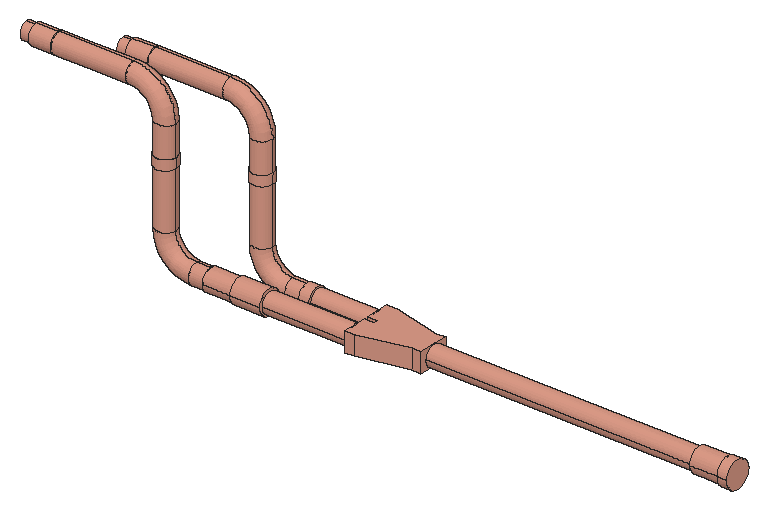
Revit family "outputfile", category 配管付属品, Revit 2024
Family settings
  丸型コネクタ寸法 = 半径を使用
  パーツ タイプ = 標準
  OmniClass 番号 = 23.65.55.00
  OmniClass タイトル = Distribution of Supplied Liquids/Gases
  作業面ベース = いいえ
  常に垂直 = はい
  ロード時にボイドで切り取り = いいえ
  共有 = いいえ
Parameters (values of type "BHFP22MA84_(2)")
  Description = ""
  製造元 = "Daikin"
  書き出し IFC クラス(タイプ) = "IfcPipeFittingType"
  Default Elevation = 0.0 mm
  定義済み IFC タイプ(タイプ) = "JUNCTION"
  Cost = 0
  モデル = "BHFP22MA84_(2)"
  Type Comments = ""
  Keynote = ""
  Type Image = (empty or 0)
  Assembly Code = ""
  table_PipeToCU_B [instance] = if(mm⇔inch, "Multi Module Kit_BHFP22MA-_Gas_PipeToCU_B", "Multi Module Kit_BHFP22MA-_Gas_PipeToCU_B_inch")  # "Multi Module Kit_BHFP22MA-_Gas_PipeToCU_B"
  table_PipeToCU_A [instance] = if(mm⇔inch, "Multi Module Kit_BHFP22MA-_Gas_PipeToCU_A", "Multi Module Kit_BHFP22MA-_Gas_PipeToCU_A_inch")  # "Multi Module Kit_BHFP22MA-_Gas_PipeToCU_A"
  table_ToMainPipe [instance] = if(mm⇔inch, "Multi Module Kit_BHFP22MA-_Gas_ToMainPipe", "Multi Module Kit_BHFP22MA-_Gas_ToMainPipe_inch")  # "Multi Module Kit_BHFP22MA-_Gas_ToMainPipe"
  switch_PipeToCU_B Reducer [instance] = if(and(Is_PipeToCU_B Reducer = 1, judge_IsOffsetPipe_ToOutdoorUnitB = 0), 1 = 1, 1 = 0)  # yes
  switch_PipeToCU_B4 [instance] = if(number_PipeToCU_B < 4, 1 = 0, 1 = 1)  # no
  switch_PipeToCU_B3 [instance] = if(number_PipeToCU_B < 3, 1 = 0, 1 = 1)  # no
  switch_PipeToCU_B2 [instance] = if(number_PipeToCU_B < 2, 1 = 0, 1 = 1)  # yes
  switch_PipeToCU_A Reducer [instance] = if(Is_PipeToCU_A Reducer = 1, 1 = 1, 1 = 0)  # yes
  switch_ToMainPipe Reducer [instance] = if(Is_ToMainPipe Reducer = 1, 1 = 1, 1 = 0)  # no
  switch_ToMainPipe2 [instance] = if(number_ToMainPipe < 2, 1 = 0, 1 = 1)  # yes
  switch_Offset Reducer(4) [instance] = if(and([judge_JointType(1or2)] = 1, Is_PipeToCU_B Reducer = 1, judge_IsOffsetPipe_ToOutdoorUnitB = 1), 1 = 1, 1 = 0)  # no
  switch_Offset Reducer(3) [instance] = if(and([judge_JointType(1or2)] = 2, Is_PipeToCU_B Reducer = 1, judge_IsOffsetPipe_ToOutdoorUnitB = 1), 1 = 1, 1 = 0)  # no
  r_PipeToCU_B_ActualDiameter [instance] = PipeToCU_B_Gas_ActualDiameter / 2  # 9.55 mm
  r_PipeToCU_A_ActualDiameter [instance] = PipeToCU_A_Gas_ActualDiameter / 2  # 9.55 mm
  r_ToMainPipe_ActualDiameter [instance] = ToMainPipe_Gas_ActualDiameter / 2  # 15.9 mm
  number_PipeToCU_B ReducerPipe [instance] = size_lookup(table_PipeToCU_B, "reducerPipeNumber", 2, モデル, judge_IsOffsetPipe_ToOutdoorUnitB, PipeToCU_B_Gas_ActualDiameter)  # 2
  number_PipeToCU_B [instance] = size_lookup(table_PipeToCU_B, "pipeNumber", 2, モデル, judge_IsOffsetPipe_ToOutdoorUnitB, PipeToCU_B_Gas_ActualDiameter)  # 2
  number_PipeToCU_A ReducerPipe [instance] = size_lookup(table_PipeToCU_A, "reducerPipeNumber", 2, モデル, PipeToCU_A_Gas_ActualDiameter)  # 2
  number_ToMainPipe [instance] = size_lookup(table_ToMainPipe, "pipeNumber", 2, モデル, ToMainPipe_Gas_ActualDiameter)  # 2
  mm⇔inch [instance] = yes
  h_PipeToCU_B Connector [instance] = if(Is_PipeToCU_B Reducer = 1, 200.0 mm, 0.0 mm)  # 200.0 mm
  h_PipeToCU_A Connector [instance] = if(Is_PipeToCU_A Reducer = 1, 200.0 mm, 0.0 mm)  # 200.0 mm
  angle_PipeToCU_B Reducer [instance] = 90.00°  # constant formula
  Unit Type = "BHFP22MA-_Gas"
  Uniclass2015Version = "Products v1.31"
  Uniclass2015Title = "Copper pipe fittings"
  Uniclass2015Code = "Pr_65_52_63_18"
  URL = ""
  ToMainPipe_Gas_Status [instance] = size_lookup(table_ToMainPipe, "Information", "The connected pipe size is not available.", モデル, ToMainPipe_Gas_ActualDiameter)  # "Default connector size is used."
  ToMainPipe_Gas_ActualDiameter [instance] = 31.8 mm
  Tag No. [instance] = ""
  Series = "Multi Module kit"
  PipeToCU_B_Gas_Status [instance] = size_lookup(table_PipeToCU_B, "Information", "The connected pipe size is not available.", モデル, judge_IsOffsetPipe_ToOutdoorUnitB, PipeToCU_B_Gas_ActualDiameter)  # "Reducer is used at connector."
  PipeToCU_B_Gas_ActualDiameter [instance] = 19.1 mm
  PipeToCU_A_Gas_Status [instance] = size_lookup(table_PipeToCU_A, "Information", "The connected pipe size is not available.", モデル, PipeToCU_A_Gas_ActualDiameter)  # "Reducer is used at connector."
  PipeToCU_A_Gas_ActualDiameter [instance] = 19.1 mm
  Material_Piping = DAIKIN_Copper_Pipe
  Material_Insulation = DAIKIN_White_Insulation
  location_PipeToCU_B connector [instance] = size_lookup(table_PipeToCU_B, "Locationconnector", 0.0 mm, モデル, judge_IsOffsetPipe_ToOutdoorUnitB, PipeToCU_B_Gas_ActualDiameter)  # 0.0 mm
  location_PipeToCU_A connector [instance] = size_lookup(table_PipeToCU_A, "Locationconnector", 0.0 mm, モデル, PipeToCU_A_Gas_ActualDiameter)  # 0.0 mm
  l_PipeToCU_B connector [instance] = size_lookup(table_PipeToCU_B, "Length", 414.0 mm, モデル, judge_IsOffsetPipe_ToOutdoorUnitB, PipeToCU_B_Gas_ActualDiameter)  # 414.0 mm
  l_PipeToCU_B Reducer [instance] = 100.0 mm  # constant formula
  l_PipeToCU_B4 [instance] = size_lookup(table_PipeToCU_B, "L_Pipe4", 10.0 mm, モデル)  # 10.0 mm
  l_PipeToCU_B3 [instance] = size_lookup(table_PipeToCU_B, "L_Pipe3", 30.0 mm, モデル)  # 30.0 mm
  l_PipeToCU_B2 [instance] = size_lookup(table_PipeToCU_B, "L_Pipe2", 36.0 mm, モデル)  # 36.0 mm
  l_PipeToCU_B1 [instance] = size_lookup(table_PipeToCU_B, "L_Pipe1", 37.5 mm, モデル)  # 37.5 mm
  l_PipeToCU_B0 [instance] = size_lookup(table_PipeToCU_B, "L_Pipe0", 108.0 mm, モデル)  # 108.0 mm
  l_PipeToCU_A connector [instance] = size_lookup(table_PipeToCU_A, "Length", 320.0 mm, モデル, PipeToCU_A_Gas_ActualDiameter)  # 320.0 mm
  l_PipeToCU_A1 [instance] = size_lookup(table_PipeToCU_A, "L_Pipe1", 13.0 mm, モデル)  # 13.0 mm
  l_PipeToCU_A0 [instance] = size_lookup(table_PipeToCU_A, "L_Pipe0", 75.0 mm, モデル)  # 75.0 mm
  l_ToMainPipe connector [instance] = size_lookup(table_ToMainPipe, "Length", 384.0 mm, モデル, ToMainPipe_Gas_ActualDiameter)  # 384.0 mm
  l_ToMainPipe Reducer [instance] = size_lookup(table_ToMainPipe, "L_Reducer", 2.0 mm, モデル, ToMainPipe_Gas_ActualDiameter)  # 2.0 mm
  l_ToMainPipe2 [instance] = size_lookup(table_ToMainPipe, "L_Pipe2", 12.0 mm, モデル)  # 12.0 mm
  l_ToMainPipe1 [instance] = size_lookup(table_ToMainPipe, "L_Pipe1", 36.0 mm, モデル)  # 36.0 mm
  l_ToMainPipe0 [instance] = size_lookup(table_ToMainPipe, "L_Pipe0", 336.0 mm, モデル)  # 336.0 mm
  judge_IsOffsetPipe_ToOutdoorUnitB [instance] = 0  # constant formula
  judge_JointType(1or2) = 2
  count_PipeToCU_B Reducer [instance] = size_lookup(table_PipeToCU_B, "reducerCount", 1, モデル, judge_IsOffsetPipe_ToOutdoorUnitB, PipeToCU_B_Gas_ActualDiameter)  # 1
  count_PipeToCU_A Reducer [instance] = size_lookup(table_PipeToCU_A, "reducerCount", 1, モデル, PipeToCU_A_Gas_ActualDiameter)  # 1
  angle_PipeToCU_A Reducer [instance] = 90.00°  # constant formula
  angle_PipeToCU_A Connector [instance] = 90.00°  # constant formula
  PipeToCU_B_Gas_AvailableDiameter [instance] = size_lookup(table_PipeToCU_B, "sizeVariation", "", モデル, judge_IsOffsetPipe_ToOutdoorUnitB)  # "19.1/22.2mm"
  PipeToCU_A_Gas_AvailableDiameter [instance] = size_lookup(table_PipeToCU_A, "sizeVariation", "", モデル)  # "19.1/22.2mm"
  ToMainPipe_Gas_AvailableDiameter [instance] = size_lookup(table_ToMainPipe, "sizeVariation", "", モデル)  # "28.6/31.8mm"
  O.D_ToMainPipe Reducer [instance] = size_lookup(table_ToMainPipe, "O.D_reducer", 2.0 mm, モデル, ToMainPipe_Gas_ActualDiameter)  # 2.0 mm
  Link_Nested Family [instance] = ""
  Is_PipeToCU_B Reducer [instance] = size_lookup(table_PipeToCU_B, "IsReducer", 1, モデル, judge_IsOffsetPipe_ToOutdoorUnitB, PipeToCU_B_Gas_ActualDiameter)  # 1
  Is_PipeToCU_A Reducer [instance] = size_lookup(table_PipeToCU_A, "IsReducer", 1, モデル, PipeToCU_A_Gas_ActualDiameter)  # 1
  Is_ToMainPipe Reducer [instance] = size_lookup(table_ToMainPipe, "IsReducer", 0, モデル, ToMainPipe_Gas_ActualDiameter)  # 0
  IfcVersion = ""
  IfcExportType = "JUNCTION"
  IfcExportAs = "IfcPipeFittingType"
  Attach_Insulation [instance] = no
  I.D_PipeToCU_B4 [instance] = size_lookup(table_PipeToCU_B, "I.D_PipeSize4", 19.1 mm, モデル)  # 19.1 mm
  I.D_PipeToCU_B3 [instance] = size_lookup(table_PipeToCU_B, "I.D_PipeSize3", 22.2 mm, モデル)  # 22.2 mm
  I.D_PipeToCU_B2 [instance] = size_lookup(table_PipeToCU_B, "I.D_PipeSize2", 25.4 mm, モデル)  # 25.4 mm
  I.D_PipeToCU_B1 [instance] = size_lookup(table_PipeToCU_B, "I.D_PipeSize1", 28.6 mm, モデル)  # 28.6 mm
  I.D_PipeToCU_B0 [instance] = size_lookup(table_PipeToCU_B, "I.D_PipeSize0", 23.4 mm, モデル)  # 23.4 mm
  I.D_PipeToCU_A1 [instance] = 25.4 mm  # constant formula
  I.D_PipeToCU_A0 [instance] = 22.2 mm  # constant formula
  I.D_ToMainPipe Reducer [instance] = size_lookup(table_ToMainPipe, "I.D_reducer", 2.0 mm, モデル, ToMainPipe_Gas_ActualDiameter)  # 2.0 mm
  I.D_ToMainPipe2 [instance] = size_lookup(table_ToMainPipe, "I.D_PipeSize2", 31.8 mm, モデル)  # 31.8 mm
  I.D_ToMainPipe1 [instance] = size_lookup(table_ToMainPipe, "I.D_PipeSize1", 28.6 mm, モデル)  # 28.6 mm
  I.D_ToMainPipe0 [instance] = size_lookup(table_ToMainPipe, "I.D_PipeSize0", 23.4 mm, モデル)  # 23.4 mm
Reference planes
  plane 1 "Center (Front/Back)": y = 0
  plane 2: z = 0
  plane 3 "Center (Left/Right)": x = 225.65
  plane 4: x = 213.65
  plane 5: x = 177.65
  plane 6: x = -158.35
  plane 7: x = -243.35
  plane 8: x = -331.35
  plane 9: x = -351.35
  plane 10: x = -388.85
  plane 11: x = -424.85
  plane 12: x = -454.85
  plane 13: x = -464.85
  plane 14: y = 17.5
  plane 15: y = -17.491
  plane 16: x = -318.35
  plane 17: x = -108.35
  plane 18 "ToMainPipe_connector": x = 225.65
  plane 19 "connector_OutdoorunitA": x = -243.35
  plane 20 "connectorLocation_TooutdoorUnitB": y = -17.491
  plane 21 "connector_ToOutdoorUnitB": x = -657.35
Forms (mm)
  Extrusion 1, solid, material "DAIKIN_Copper_Pipe" <- "Material_Piping"
    sketch origin (0, 0, 0) x (1, 0, 0) y (0, 1, 0)
      loop
        line (-243.35, 1.998) -> (-231.35, 1.998) -> (-231.35, -1.998) -> (-243.35, -1.998) -> (-243.35, -33.29) -> (-231.35, -33.29) -> (-170.35, -19.109) -> (-158.35, -19.109) -> (-158.35, 18.821) -> (-170.35, 18.821) -> (-231.35, 33.29) -> (-243.35, 33.29) -> (-243.35, 1.998)
    from -12.2 to 12.2
Dimensions and locks
  locked: Extrusion 1 sketch curve to Extrusion 1 sketch curve at 37.93
  locked: Extrusion 1 sketch curve to Extrusion 1 sketch curve at 66.58
  locked: plane 6 to plane 17 at 50
  "l_PipeToCU_A0": plane 16 to plane 7
  "l_PipeToCU_A1": plane 8 to plane 16
  "l_PipeToCU_B0": plane 9 to plane 7
  "l_PipeToCU_B1": plane 10 to plane 9
  "l_PipeToCU_B2": plane 11 to plane 10
  "l_PipeToCU_B3": plane 12 to plane 11
  "l_PipeToCU_B4": plane 13 to plane 12
  locked: plane 7 to plane 6 at 85
  plane 17 to plane 5 = 286.0 mm
  "l_ToMainPipe1": plane 5 to plane 4
  "l_ToMainPipe2": plane 4 to plane 3 "Center (Left/Right)"
  "l_ToMainPipe0": plane 6 to plane 5
  "l_ToMainPipe connector": plane 6 to plane 18 "ToMainPipe_connector"
  "location_PipeToCU_A connector": plane 19 "connector_OutdoorunitA" to plane 7
  "l_PipeToCU_B connector": plane 21 "connector_ToOutdoorUnitB" to plane 7
  "location_PipeToCU_B connector": plane 20 "connectorLocation_TooutdoorUnitB" to plane 15
  plane 14 to plane 1 "Center (Front/Back)" to plane 15 = 17.5 mm locked, 17.491 mm locked
  plane 21 "connector_ToOutdoorUnitB" to plane 18 "ToMainPipe_connector" = 883.0 mm
  aligned and locked: level to plane 2
  aligned and locked: plane 2 to nested 1
  aligned and locked: plane 1 "Center (Front/Back)" to nested 1
  aligned and locked: plane 3 "Center (Left/Right)" to nested 1
  aligned and locked: plane 4 to nested 1
  aligned and locked: plane 4 to nested 2
  aligned and locked: plane 5 to nested 2
  aligned and locked: plane 5 to nested 3
  aligned and locked: plane 6 to nested 3
  aligned and locked: plane 6 to Extrusion 1
  aligned and locked: Extrusion 1 to plane 7  (x2)
  aligned and locked: plane 7 to nested 4
  aligned and locked: plane 8 to nested 5
  aligned and locked: plane 16 to nested 5
  aligned and locked: nested 5 to plane 14
  aligned and locked: nested 6 to plane 15
  aligned and locked: plane 7 to nested 6
  aligned and locked: plane 9 to nested 6
  aligned and locked: plane 10 to nested 7
  aligned and locked: plane 9 to nested 7
  aligned and locked: plane 11 to nested 8
  aligned and locked: plane 10 to nested 8
  aligned and locked: plane 12 to nested 9
  aligned and locked: plane 11 to nested 9
  aligned and locked: plane 13 to nested 10
  aligned and locked: plane 12 to nested 10
  aligned and locked: nested 10 to plane 15
  aligned and locked: nested 9 to plane 15
  aligned and locked: nested 8 to plane 15
  aligned and locked: nested 7 to plane 15
  aligned and locked: plane 1 "Center (Front/Back)" to nested 11
  aligned and locked: plane 17 to nested 11
  aligned and locked: plane 16 to nested 4
  aligned and locked: nested 12 to plane 14
  aligned and locked: plane 8 to nested 12
  aligned and locked: plane 1 "Center (Front/Back)" to nested 13
  aligned and locked: plane 18 "ToMainPipe_connector" to nested 13
  aligned and locked: plane 6 to nested 14
  aligned and locked: plane 1 "Center (Front/Back)" to nested 3
  aligned and locked: plane 14 to nested 15
  aligned and locked: nested 15 to plane 19 "connector_OutdoorunitA"
  aligned and locked: nested 16 to plane 20 "connectorLocation_TooutdoorUnitB"
  aligned and locked: nested 16 to plane 7
  aligned and locked: plane 11 to nested 17
  aligned and locked: nested 16 to plane 15
Automatic sketch dimensions
  Extrusion 1 sketch curve to plane 7 = 0.0 mm  (x2)
  Extrusion 1 sketch curve to plane 6 = 0.0 mm
  Extrusion 1 sketch curve to Extrusion 1 sketch curve = 12.0 mm  (x3)
  Extrusion 1 sketch curve to plane 1 "Center (Front/Back)" = 1.998 mm
  plane 14 to Extrusion 1 sketch curve = 1.321 mm
  Extrusion 1 sketch curve to plane 6 = 12.0 mm  (x2)
  Extrusion 1 sketch curve to plane 15 = 15.799 mm
  plane 1 "Center (Front/Back)" to Extrusion 1 sketch curve = 1.998 mm
Nested families
  nested 1: "daikin_Pipe" at (219.65, 0, 0), I.D_Pipe <- "I.D_ToMainPipe2", display <- "switch_ToMainPipe2", type "*"
    with length_Pipe 12.0 mm, display yes, O.D_Pipe 33.8 mm, I.D_Pipe 31.8 mm
  nested 2: "daikin_Pipe" at (195.65, 0, 0), I.D_Pipe <- "I.D_ToMainPipe1", type "*"
    with length_Pipe 36.0 mm, display yes, O.D_Pipe 30.6 mm, I.D_Pipe 28.6 mm
  nested 3: "daikin_Pipe" at (9.65, 0, 0), I.D_Pipe <- "I.D_ToMainPipe0", type "*"
    with length_Pipe 336.0 mm, display yes, O.D_Pipe 25.4 mm, I.D_Pipe 23.4 mm
  nested 4: "daikin_Pipe" at (-280.85, 17.644, 0), I.D_Pipe <- "I.D_PipeToCU_A0", type "*"
    with length_Pipe 75.0 mm, display yes, O.D_Pipe 24.2 mm, I.D_Pipe 22.2 mm
  nested 5: "daikin_Pipe" at (-324.85, 17.5, 0), I.D_Pipe <- "I.D_PipeToCU_A1", type "*"
    with length_Pipe 13.0 mm, display yes, O.D_Pipe 27.4 mm, I.D_Pipe 25.4 mm
  nested 6: "daikin_Pipe" at (-297.35, -17.491, 0), I.D_Pipe <- "I.D_PipeToCU_B0", type "*"
    with length_Pipe 108.0 mm, display yes, O.D_Pipe 25.4 mm, I.D_Pipe 23.4 mm
  nested 7: "daikin_Pipe" at (-370.1, -17.491, 0), I.D_Pipe <- "I.D_PipeToCU_B1", type "*"
    with length_Pipe 37.5 mm, display yes, O.D_Pipe 30.6 mm, I.D_Pipe 28.6 mm
  nested 8: "daikin_Pipe" at (-406.85, -17.491, 0), I.D_Pipe <- "I.D_PipeToCU_B2", display <- "switch_PipeToCU_B2", type "*"
    with length_Pipe 36.0 mm, display yes, O.D_Pipe 27.4 mm, I.D_Pipe 25.4 mm
  nested 9: "daikin_Pipe" at (-439.85, -17.491, 0), display <- "switch_PipeToCU_B3", I.D_Pipe <- "I.D_PipeToCU_B3", visible <- "switch_PipeToCU_B3", type "*"
    with length_Pipe 30.0 mm, display no, O.D_Pipe 24.2 mm, I.D_Pipe 22.2 mm
  nested 10: "daikin_Pipe" at (-459.85, -17.491, 0), display <- "switch_PipeToCU_B4", I.D_Pipe <- "I.D_PipeToCU_B4", visible <- "switch_PipeToCU_B4", type "*"
    with length_Pipe 10.0 mm, display no, O.D_Pipe 21.1 mm, I.D_Pipe 19.1 mm
  nested 11: "daikin_MultiModeluKit_Insulation" at (-108.35, 0, 0), display <- "Attach_Insulation", type "*"
    with h 54.2 mm, display no, I.D_Outlet PipeSize 22.2 mm
  nested 12: "daikin_Multi Module kit_Reducer90_rotate" at (-331.35, 17.5, 0), number_reducerPipe <- "number_PipeToCU_A ReducerPipe", angle_Pipe <- "angle_PipeToCU_A Reducer", visible <- "switch_PipeToCU_A Reducer", type "PipeToCU_A"
    with number_reducerPipe 2, angle_Pipe 90.00°, I.D_connector 19.1 mm
  nested 13: "daikin_Pipe_reducer" at (224.65, 0, 0), I.D_Pipe1 <- "I.D_ToMainPipe Reducer", O.D_Pipe2 <- "O.D_ToMainPipe Reducer", length_Pipe <- "l_ToMainPipe Reducer", display <- "switch_ToMainPipe Reducer", type "*"
    with length_Pipe 2.0 mm, display no, O.D_Pipe2 2.0 mm, O.D_Pipe1 4.0 mm, I.D_Pipe2 0.0 mm, I.D_Pipe1 2.0 mm
  nested 14: "daikin_connector_rotate3" at (-158.35, 0, 0) x (0, 1, 0) z (0, 0, 1), length <- "l_ToMainPipe connector", type "daikin_connector_rotate3"
    with radius 10.0 mm, length 384.0 mm, angle_vertical 90.00°, angle_horizontal 0.00°
  nested 15: "daikin_connector_rotate3" at (-243.35, 17.5, 200) x (-1, 0, 0) z (0, 0, 1), length <- "l_PipeToCU_A connector", angle_vertical <- "angle_PipeToCU_A Connector", built-in parameter 1001364 <- "h_PipeToCU_A Connector", type "daikin_connector_rotate3"
    with radius 10.0 mm, length 320.0 mm, angle_vertical 90.00°, angle_horizontal 90.00°
  nested 16: "daikin_connector_rotate3" at (-243.35, -17.491, 200) x (0, -1, 0) z (0, 0, 1), length <- "l_PipeToCU_B connector", built-in parameter 1001364 <- "h_PipeToCU_B Connector", type "daikin_connector_rotate3"
    with radius 10.0 mm, length 414.0 mm, angle_vertical 90.00°, angle_horizontal 0.00°
  nested 17: "daikin_Multi Module kit_Reducer90_rotate" at (-424.85, -17.491, 0), number_reducerPipe <- "number_PipeToCU_B ReducerPipe", angle_Pipe <- "angle_PipeToCU_B Reducer", visible <- "switch_PipeToCU_B Reducer", type "PipeToCU_B"
    with number_reducerPipe 2, angle_Pipe 90.00°, I.D_connector 34.9 mm, l_Pipe0 57.5 mm
Connectors
  piping at (225.65, 0, 0), diameter 31.8, driven by "r_ToMainPipe_ActualDiameter"
    settings: on nested 14, index 1, connector inside diameter 609.6 mm, connector length 0.0 mm, flow factor 0, pipe flow 0.00 m³/h, pressure drop 0.0 Pa, fitting loss kfactor 0, connector angle 0.00°, fixture units 0, engagement length 0.0 mm, angle of deflection 0.00°, flow configuration 0, flow direction 1, fitting loss method 0, system type 29, joint type 0, gender type 0, connector reference index -1, connector utility 0, adjustable connector no, is connector primary yes, connector description "Multi Module kit_to Main Pipe_Gas"
  piping at (-563.35, 17.5, 200), diameter 19.1, driven by "r_PipeToCU_A_ActualDiameter"
    settings: on nested 15, index 2, connector inside diameter 609.6 mm, connector length 0.0 mm, flow factor 0, pipe flow 0.00 m³/h, pressure drop 0.0 Pa, fitting loss kfactor 0, connector angle 0.00°, fixture units 0, engagement length 0.0 mm, angle of deflection 0.00°, flow configuration 0, flow direction 2, fitting loss method 0, system type 29, joint type 0, gender type 0, connector reference index -1, connector utility 0, adjustable connector no, is connector primary no, connector description "Multi Module kit_Piping to CU-A_Gas"
  piping at (-657.35, -17.491, 200), diameter 19.1, driven by "r_PipeToCU_B_ActualDiameter"
    settings: on nested 16, index 3, connector inside diameter 609.6 mm, connector length 0.0 mm, flow factor 0, pipe flow 0.00 m³/h, pressure drop 0.0 Pa, fitting loss kfactor 0, connector angle 0.00°, fixture units 0, engagement length 0.0 mm, angle of deflection 0.00°, flow configuration 0, flow direction 2, fitting loss method 0, system type 29, joint type 0, gender type 0, connector reference index -1, connector utility 0, adjustable connector no, is connector primary no, connector description "Multi Module kit_Piping to CU-B_Gas"
Definition of nested family "daikin_Pipe"
  Parameters (values of type "*")
    Default Elevation = 0.0 mm
    material = none
    length_Pipe [instance] = 150.0 mm
    display [instance] = yes
    O.D_Pipe [instance] = I.D_Pipe + 2.0 mm  # 27.0 mm
    I.D_Pipe [instance] = 25.0 mm
  Reference planes
    plane 1 "Center (Front/Back)": y = 0
    plane 2 "center(vertical)": z = 0
    plane 3 "Center (Left/Right)": x = 0
    plane 4 "left": x = -75
    plane 5 "right": x = 75
  Forms (mm)
    Extrusion 1, solid, material <- "material", visible <- "display"
      sketch origin (0, 0, 0) x (0, 1, 0) y (0, 0, 1)
        loop
          circle (0, 0) r 13.5
      from -75 to 75
  Dimensions and locks
    equal spacing: plane 4 "left", plane 3 "Center (Left/Right)", plane 5 "right"
    "length_Pipe": plane 4 "left" to plane 5 "right"
    "O.D_Pipe": diameter of Extrusion 1 sketch curve
    aligned and locked: level to plane 2 "center(vertical)"
    aligned and locked: plane 2 "center(vertical)" to Extrusion 1 sketch curve
    aligned and locked: plane 1 "Center (Front/Back)" to Extrusion 1 sketch curve
    aligned and locked: plane 5 "right" to Extrusion 1
    aligned and locked: Extrusion 1 to plane 4 "left"
Definition of nested family "daikin_Multi Module kit_Reducer90_rotate"
  Parameters (values of type "PipeToCU_A")
    Default Elevation = 0.0 mm
    number_reducerPipe [instance] = 4
    material_Pipe = none
    l_Pipe0 = 57.0 mm
    angle_Pipe [instance] = 30.00°
    I.D_connector [instance] = 34.9 mm
  Types (2, lengths in mm): name | l_Pipe0
    PipeToCU_A | 57.0
    PipeToCU_B | 55.0
  Reference planes
    plane 1 "Center (Front/Back)": y = 0
    plane 2: z = 0
    plane 3 "Center (Left/Right)": x = 0
  Dimensions and locks
    "angle_Pipe": angle plane 2 to nested 1
    aligned and locked: level to plane 2
  Nested families
    nested 1: "daikin_Multi Module kit_Reducer90" at (0, 0, 0) x (1, 0, 0) z (0, -0.5, 0.866), I.D_connector <- "I.D_connector", ReducerPipe <- "number_reducerPipe", l_Pipe0 <- "l_Pipe0", type "*"
      with l_Pipe0 57.0 mm, display_Pipe4 no, display_Pipe3 no, ReducerPipe 4, I.D_connector 34.9 mm
  Definition of nested family "daikin_Multi Module kit_Reducer90"
    Parameters (values of type "*")
      Default Elevation = 0.0 mm
      material_Pipe = none
      l_Pipe0 [instance] = 57.0 mm
      display_Pipe4 [instance] = ReducerPipe = 2  # no
      display_Pipe3 [instance] = or(ReducerPipe = 1, ReducerPipe = 2)  # no
      ReducerPipe [instance] = 0
      O.D_Pipe4 = 19.1 mm + 2.0 mm  # 21.1 mm
      O.D_Pipe3 = 24.9 mm  # constant formula
      O.D_Pipe2 = 25.4 mm  # constant formula
      O.D_Pipe1 = 27.4 mm  # constant formula
      O.D_Pipe0 = 25.4 mm  # constant formula
      I.D_connector [instance] = 0.0 mm
    Reference planes
      plane 1 "Center (Front/Back)": y = 0
      plane 2 "center_vertical": z = 0
      plane 3 "Center (Left/Right)": x = 0
      plane 4 "center_toOutdoor": x = -57
      plane 5: y = 110
      plane 6: y = 122
      plane 7: y = 200
      plane 8: x = -192
      plane 9: x = -220
      plane 10: x = -232
    Forms (mm)
      Sweep 1, solid, material <- "material_Pipe"
        path origin (0, 0, 0) x (1, 0, 0) y (0, 1, 0)
          loop
            line (0, 0) -> (-18.241, 0)
            arc (-18.241, 0) -> (-45.648, 11.352) -> (-57, 38.759) r 38.759
            line (-57, 38.759) -> (-57, 110)
        profile origin (-9.12, 0, 0) x (0, -1, 0) y (0, 0, 1)
          loop
            circle (0, 0) r 12.7
      Extrusion 2, solid, material <- "material_Pipe"
        sketch origin (0, 0, 0) x (1, 0, 0) y (0, 0, 1)
          loop
            circle (-57, 0) r 13.7
        from -122 to -110
      Sweep 3, solid, material <- "material_Pipe"
        path origin (0, 0, 0) x (1, 0, 0) y (0, 1, 0)
          loop
            line (-57, 122) -> (-57, 160)
            arc (-57, 160) -> (-68.716, 188.284) -> (-97, 200) r 40
            line (-97, 200) -> (-192, 200)
        profile origin (-57, 141, 0) x (-1, 0, 0) y (0, 0, 1)
          loop
            circle (0, 0) r 12.7
      Extrusion 4, solid, material <- "material_Pipe", visible <- "display_Pipe3"
        sketch origin (0, 0, 0) x (0, 1, 0) y (0, 0, 1)
          loop
            circle (200, 0) r 12.45
        from -220 to -192
      Extrusion 5, solid, material <- "material_Pipe", visible <- "display_Pipe4"
        sketch origin (0, -10.14, 0) x (0, 1, 0) y (0, 0, 1)
          loop
            circle (210.14, 0) r 10.55
        from -232 to -220
    Lines and regions (mm)
      reference lines
        curve 1: line (0, 0, 0) -> (-57, 0, 0)
    Dimensions and locks
      locked: plane 1 "Center (Front/Back)" to plane 5 at 110
      locked: plane 6 to plane 5 at 12
      "l_Pipe0": plane 4 "center_toOutdoor" to plane 3 "Center (Left/Right)"
      plane 1 "Center (Front/Back)" to plane 7 = 200.0 mm
      locked: plane 8 to plane 4 "center_toOutdoor" at 135
      locked: plane 9 to plane 8 at 28
      locked: plane 10 to plane 9 at 12
      plane 10 to plane 3 "Center (Left/Right)" = 232.0 mm
      "O.D_Pipe0": diameter of Sweep 1 sketch curve
      "O.D_Pipe1": diameter of Extrusion 2 sketch curve
      "O.D_Pipe2": diameter of Sweep 3 sketch curve
      "O.D_Pipe3": diameter of Extrusion 4 sketch curve
      "O.D_Pipe4": diameter of Extrusion 5 sketch curve
      aligned and locked: level to plane 2 "center_vertical"
      aligned and locked: plane 6 to Extrusion 2
      aligned and locked: Extrusion 2 to plane 5
      aligned and locked: Sweep 1 sketch curve to plane 1 "Center (Front/Back)"
      aligned and locked: plane 3 "Center (Left/Right)" to curve 1
      aligned and locked: curve 1 to plane 1 "Center (Front/Back)"
      aligned and locked: plane 4 "center_toOutdoor" to Sweep 3 sketch curve
      aligned and locked: plane 2 "center_vertical" to Sweep 3 sketch curve
      aligned and locked: plane 2 "center_vertical" to Extrusion 4 sketch curve
      aligned and locked: plane 7 to Extrusion 4 sketch curve
      aligned and locked: Extrusion 4 to plane 9
      aligned and locked: plane 8 to Extrusion 4
      aligned and locked: Extrusion 5 to plane 10
      aligned and locked: plane 9 to Extrusion 5
      aligned and locked: plane 7 to Extrusion 5 sketch curve
      aligned and locked: plane 2 "center_vertical" to Extrusion 5 sketch curve
    Automatic sketch dimensions
      Sweep 1 sketch curve to plane 4 "center_toOutdoor" = 0.0 mm
      Sweep 1 sketch curve to plane 3 "Center (Left/Right)" = 0.0 mm
      Sweep 1 sketch curve to plane 5 = 0.0 mm
      Sweep 1 sketch curve to plane 3 "Center (Left/Right)" = 18.241 mm
      curve 1 to plane 4 "center_toOutdoor" = 0.0 mm
      Sweep 3 sketch curve to plane 7 = 0.0 mm
      Sweep 3 sketch curve to plane 8 = 0.0 mm
      Sweep 3 sketch curve to plane 4 "center_toOutdoor" = 0.0 mm
      Sweep 3 sketch curve to plane 6 = 0.0 mm
      Sweep 3 sketch curve to plane 4 "center_toOutdoor" = 40.0 mm
      Sweep 1 sketch curve to level = 0.0 mm
      Sweep 1 sketch curve to profile plane = 0.0 mm
      Extrusion 2 sketch curve to level = 0.0 mm
      Extrusion 2 sketch curve to plane 4 "center_toOutdoor" = 0.0 mm
Definition of nested family "daikin_MultiModeluKit_Insulation"
  Parameters (values of type "*")
    Default Elevation = 0.0 mm
    Model = ""
    material = none
    h [instance] = (I.D_Outlet PipeSize + 2.0 mm) + 30.0 mm  # 47.0 mm
    display [instance] = yes
    I.D_Outlet PipeSize [instance] = 15.0 mm
  Reference planes
    plane 1 "Center (Front/Back)": y = 0
    plane 2: z = 0
    plane 3 "Left": x = 0
    plane 4 "top": z = 23.5
    plane 5 "bottom": z = -23.5
  Forms (mm)
    Extrusion 1, solid, material <- "material", visible <- "display"
      sketch origin (0, 0, 0) x (1, 0, 0) y (0, 1, 0)
        loop
          line (0, -27.7) -> (0, 27.7) -> (-123, 45.79) -> (-206, 45.79) -> (-206, 7.021) -> (-269.393, 10) -> (-321, 10) -> (-321, -45.79) -> (-123, -45.79) -> (0, -27.7)
      from -23.5 to 23.5
  Dimensions and locks
    equal spacing: plane 4 "top", plane 2, plane 5 "bottom"
    "h": plane 4 "top" to plane 5 "bottom"
    aligned and locked: level to plane 2
    aligned and locked: plane 3 "Left" to Extrusion 1
    aligned and locked: Extrusion 1 to plane 5 "bottom"
    aligned and locked: plane 4 "top" to Extrusion 1
  Automatic sketch dimensions
    Extrusion 1 sketch curve to plane 3 "Left" = 0.0 mm
    Extrusion 1 sketch curve to plane 1 "Center (Front/Back)" = 45.79 mm
    Extrusion 1 sketch curve to plane 3 "Left" = 123.0 mm
    Extrusion 1 sketch curve to Extrusion 1 sketch curve = 83.0 mm
    Extrusion 1 sketch curve to plane 1 "Center (Front/Back)" = 10.0 mm
    Extrusion 1 sketch curve to Extrusion 1 sketch curve = 63.393 mm
    Extrusion 1 sketch curve to Extrusion 1 sketch curve = 51.607 mm
    Extrusion 1 sketch curve to plane 1 "Center (Front/Back)" = 7.021 mm
    plane 1 "Center (Front/Back)" to Extrusion 1 sketch curve = 45.79 mm
    Extrusion 1 sketch curve to plane 1 "Center (Front/Back)" = 27.7 mm
    Extrusion 1 sketch curve to Extrusion 1 sketch curve = 0.0 mm
    plane 1 "Center (Front/Back)" to Extrusion 1 sketch curve = 27.7 mm
Definition of nested family "daikin_Pipe_reducer"
  Parameters (values of type "*")
    Default Elevation = 0.0 mm
    material = none
    length_Pipe [instance] = 250.0 mm
    display [instance] = yes
    O.D_Pipe2 [instance] = 19.1 mm
    O.D_Pipe1 [instance] = I.D_Pipe1 + 2.0 mm  # 24.2 mm
    I.D_Pipe2 [instance] = O.D_Pipe2 - 2.0 mm  # 17.1 mm
    I.D_Pipe1 [instance] = 22.2 mm
  Reference planes
    plane 1 "Center (Front/Back)": y = 0
    plane 2 "center(vertical)": z = 0
    plane 3 "Center (Left/Right)": x = 0
    plane 4 "connection": x = -125
    plane 5 "right": x = 113
    plane 6: x = 125
  Forms (mm)
    Extrusion 1, solid, material <- "material", visible <- "display"
      sketch origin (0, 0, 0) x (0, 1, 0) y (0, 0, 1)
        loop
          circle (0, 0) r 9.55
      from -125 to 113
    Extrusion 2, solid, material <- "material", visible <- "display"
      sketch origin (0, 0, 0) x (0, 1, 0) y (0, 0, 1)
        loop
          circle (0, 0) r 12.1
      from 113 to 125
  Dimensions and locks
    locked: plane 5 "right" to plane 6 at 12
    "length_Pipe": plane 4 "connection" to plane 6
    equal spacing: plane 4 "connection", plane 3 "Center (Left/Right)", plane 6
    "O.D_Pipe2": diameter of Extrusion 1 sketch curve
    "O.D_Pipe1": diameter of Extrusion 2 sketch curve
    aligned and locked: level to plane 2 "center(vertical)"
    aligned and locked: plane 2 "center(vertical)" to Extrusion 1 sketch curve
    aligned and locked: plane 1 "Center (Front/Back)" to Extrusion 1 sketch curve
    aligned and locked: plane 5 "right" to Extrusion 1
    aligned and locked: Extrusion 1 to plane 4 "connection"
    aligned and locked: plane 2 "center(vertical)" to Extrusion 2 sketch curve
    aligned and locked: plane 1 "Center (Front/Back)" to Extrusion 2 sketch curve
    aligned and locked: Extrusion 2 to plane 5 "right"
    aligned and locked: plane 6 to Extrusion 2
Definition of nested family "daikin_connector_rotate3"
  Parameters (values of type "daikin_connector_rotate3")
    Default Elevation = 1219.2 mm
    show_face = no
    show_circle = no
    radius [instance] = 10.0 mm
    length [instance] = 600.0 mm
    angle_horizontal [instance] = 60.00°
    angle_vertical [instance] = 90.00°
  Reference planes
    plane 1 "Center (Front/Back)": y = 0
    plane 2: z = 0
    plane 3 "Center (Left/Right)": x = 0
  Dimensions and locks
    "angle_horizontal": angle plane 3 "Center (Left/Right)" to nested 1
    aligned and locked: level to plane 2
    aligned and locked: plane 1 "Center (Front/Back)" to nested 1  (x2)
    aligned and locked: plane 3 "Center (Left/Right)" to nested 1
  Nested families
    nested 1: "daikin_connector_rotate2" at (0, 0, 0) x (0.5, 0.866, 0) z (0, 0, 1), angle_vertical <- "angle_vertical", length <- "length", radius <- "radius", type "daikin_connector_rotate2"
      with radius 10.0 mm, length 600.0 mm, angle_vertical 90.00°, Default Elevation 0.0 mm, show_circle no
  Definition of nested family "daikin_connector_rotate2"
    Parameters (values of type "daikin_connector_rotate2")
      Default Elevation = 1219.2 mm
      show_face = no
      show_circle = yes
      radius [instance] = 10.0 mm
      length [instance] = 600.0 mm
      d_surface = 10.0 mm
      angle_vertical [instance] = 90.00°
    Reference planes
      plane 1 "Center (Front/Back)": y = 0
      plane 2: z = 0
      plane 3 "Center (Left/Right)": x = 0
    Forms (mm)
      Extrusion 1, solid, visible <- "show_face"
        sketch origin (0, -600, 0) x (1, 0, 0) y (0, 0, 1)
          loop
            circle (0, 0) r 10
        from 0 to -10
    Lines and regions (mm)
      reference lines
        curve 1: line (0, 0, 0) -> (0, -600, 0)
      symbolic lines, visible <- "show_circle"
        curve 2: circle (0, 0, 0) r 5 normal (0, 0, 1)
      model lines, visible <- "show_face"
        curve 3: line (0, 0, 0) -> (0, -600, 0)
    Dimensions and locks
      "length": curve 1 to curve 1
      "length": curve 3 to curve 3
      "d_surface": Extrusion 1 to Extrusion 1
      "radius": radius of Extrusion 1 sketch curve
      "angle_vertical": angle curve 1 to plane 1 "Center (Front/Back)"
      "angle_vertical": angle curve 3 to plane 1 "Center (Front/Back)"
      aligned and locked: level to plane 2
      aligned and locked: plane 1 "Center (Front/Back)" to curve 1
      aligned and locked: plane 2 to curve 1
      aligned and locked: plane 1 "Center (Front/Back)" to curve 2
      aligned and locked: plane 3 "Center (Left/Right)" to curve 2
      aligned and locked: plane 1 "Center (Front/Back)" to curve 3
      aligned and locked: plane 2 to curve 3
      aligned and locked: Extrusion 1 to Extrusion 1
    Automatic sketch dimensions
      Extrusion 1 sketch curve to level = 0.0 mm
      Extrusion 1 sketch curve to plane 3 "Center (Left/Right)" = 0.0 mm
      radius of curve 2 = 5.0 mm
